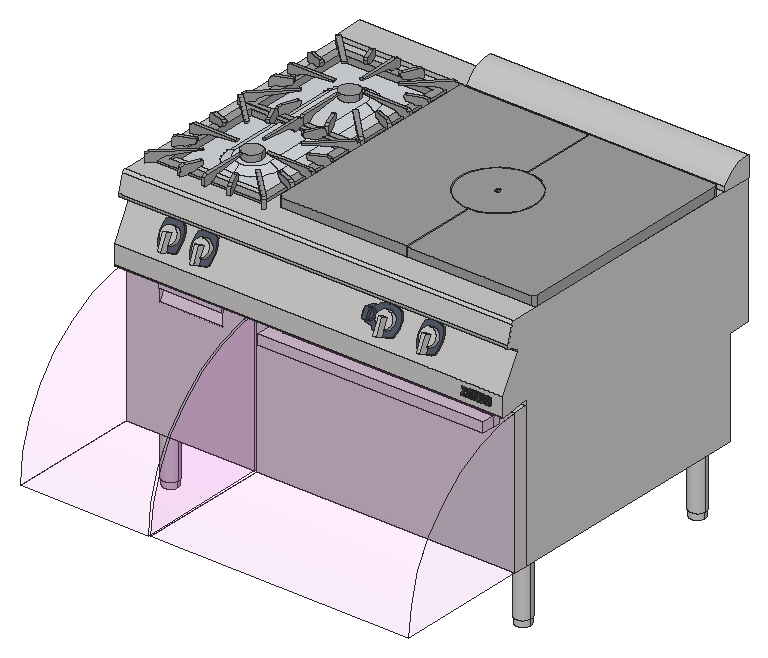
Revit family "QF_ZANUSSI_392265_Z9STGLT01A", category Specialty Equipment, Revit 2018 (continued)
Definition of nested family "371012_BURNER"
  Reference planes
    plane 7 "Center Y": x = 164
    plane 8 "Center X": y = -174
  Forms (mm)
    Extrusion 1, solid
      sketch origin (0, 0, 0) x (1, 0, 0) y (0, 1, 0)
        loop
          line (-3.66, -350.595) -> (331.66, -350.595) -> (331.66, 5.277) -> (-3.66, 5.277) -> (-3.66, -350.595)
        loop
          line (22, -10) -> (22, -324.951) -> (306, -324.951) -> (306, -10) -> (22, -10)
      from -15 to 5
    Extrusion 2, solid
      sketch origin (-232.638, -334.226, 5) x (1, 0, 0) y (0, 1, 0)
        loop
          circle (396.638, 151.294) r 30
      from -5 to 13
    Extrusion 3, solid
      sketch origin (-70.258, 429.575, -850.85) x (0.707107, -0.707107, 0) y (0, 0, 1)
        loop
          arc (366.649, 850.85) -> (375.927, 861.743) -> (389.337, 866.736) r 28.426
          line (389.337, 866.736) -> (478.756, 877.043)
          arc (478.756, 877.043) -> (479.783, 878.312) -> (478.589, 879.425) r 1.197
          line (478.589, 879.425) -> (347.797, 879.425)
          arc (347.797, 879.425) -> (343.211, 875.934) -> (337.583, 874.694) r 13.39
          line (337.583, 874.694) -> (337.583, 850.85) -> (366.649, 850.85)
      from 262.464 to 272.464
    Extrusion 4, solid
      sketch origin (121.618, -425.716, -850.85) x (-0.382683, 0.92388, 0) y (0, 0, 1)
        loop
          arc (64.816, 864.012) -> (68.75, 869.25) -> (69.841, 875.709) r 13.87
          arc (69.841, 875.709) -> (68.577, 878.352) -> (65.851, 879.425) r 4
          line (65.851, 879.425) -> (19.961, 879.425) -> (9.748, 874.663)
          arc (9.748, 874.663) -> (6.705, 862.948) -> (7.056, 850.85) r 42.876
          line (7.056, 850.85) -> (36.589, 850.85)
          arc (36.589, 850.85) -> (50.096, 858.731) -> (64.816, 864.012) r 85.245
      from 127.064 to 137.064
    Extrusion 5, solid
      sketch origin (-361.796, 84.529, -850.85) x (1, 0, 0) y (0, 0, 1)
        loop
          arc (366.649, 850.85) -> (375.927, 861.743) -> (389.337, 866.736) r 28.426
          line (389.337, 866.736) -> (478.756, 877.043)
          arc (478.756, 877.043) -> (479.783, 878.312) -> (478.589, 879.425) r 1.197
          line (478.589, 879.425) -> (347.797, 879.425)
          arc (347.797, 879.425) -> (343.211, 875.934) -> (337.583, 874.694) r 13.39
          line (337.583, 874.694) -> (337.583, 850.85) -> (366.649, 850.85)
      from 262.464 to 272.464
    Extrusion 6, solid
      sketch origin (-448.51, -417.194, -850.85) x (0.707107, 0.707107, 0) y (0, 0, 1)
        loop
          arc (366.649, 850.85) -> (375.927, 861.743) -> (389.337, 866.736) r 28.426
          line (389.337, 866.736) -> (478.756, 877.043)
          arc (478.756, 877.043) -> (479.783, 878.312) -> (478.589, 879.425) r 1.197
          line (478.589, 879.425) -> (347.797, 879.425)
          arc (347.797, 879.425) -> (343.211, 875.934) -> (337.583, 874.694) r 13.39
          line (337.583, 874.694) -> (337.583, 850.85) -> (366.649, 850.85)
      from 262.464 to 272.464
    Extrusion 7, solid
      sketch origin (-103.464, -708.731, -850.85) x (0, 1, 0) y (0, 0, 1)
        loop
          arc (366.649, 850.85) -> (375.927, 861.743) -> (389.337, 866.736) r 28.426
          line (389.337, 866.736) -> (478.756, 877.043)
          arc (478.756, 877.043) -> (479.783, 878.312) -> (478.589, 879.425) r 1.197
          line (478.589, 879.425) -> (347.797, 879.425)
          arc (347.797, 879.425) -> (343.211, 875.934) -> (337.583, 874.694) r 13.39
          line (337.583, 874.694) -> (337.583, 850.85) -> (366.649, 850.85)
      from 262.464 to 272.464
    Extrusion 8, solid
      sketch origin (398.258, -795.445, -850.85) x (-0.707107, 0.707107, 0) y (0, 0, 1)
        loop
          arc (366.649, 850.85) -> (375.927, 861.743) -> (389.337, 866.736) r 28.426
          line (389.337, 866.736) -> (478.756, 877.043)
          arc (478.756, 877.043) -> (479.783, 878.312) -> (478.589, 879.425) r 1.197
          line (478.589, 879.425) -> (347.797, 879.425)
          arc (347.797, 879.425) -> (343.211, 875.934) -> (337.583, 874.694) r 13.39
          line (337.583, 874.694) -> (337.583, 850.85) -> (366.649, 850.85)
      from 262.464 to 272.464
    Extrusion 9, solid
      sketch origin (689.796, -450.4, -850.85) x (-1, 0, 0) y (0, 0, 1)
        loop
          arc (366.649, 850.85) -> (375.927, 861.743) -> (389.337, 866.736) r 28.426
          line (389.337, 866.736) -> (478.756, 877.043)
          arc (478.756, 877.043) -> (479.783, 878.312) -> (478.589, 879.425) r 1.197
          line (478.589, 879.425) -> (347.797, 879.425)
          arc (347.797, 879.425) -> (343.211, 875.934) -> (337.583, 874.694) r 13.39
          line (337.583, 874.694) -> (337.583, 850.85) -> (366.649, 850.85)
      from 262.464 to 272.464
    Extrusion 10, solid
      sketch origin (776.51, 51.323, -850.85) x (-0.707107, -0.707107, 0) y (0, 0, 1)
        loop
          arc (366.649, 850.85) -> (375.927, 861.743) -> (389.337, 866.736) r 28.426
          line (389.337, 866.736) -> (478.756, 877.043)
          arc (478.756, 877.043) -> (479.783, 878.312) -> (478.589, 879.425) r 1.197
          line (478.589, 879.425) -> (347.797, 879.425)
          arc (347.797, 879.425) -> (343.211, 875.934) -> (337.583, 874.694) r 13.39
          line (337.583, 874.694) -> (337.583, 850.85) -> (366.649, 850.85)
      from 262.464 to 272.464
    Extrusion 11, solid
      sketch origin (431.464, 342.86, -850.85) x (0, -1, 0) y (0, 0, 1)
        loop
          arc (366.649, 850.85) -> (375.927, 861.743) -> (389.337, 866.736) r 28.426
          line (389.337, 866.736) -> (478.756, 877.043)
          arc (478.756, 877.043) -> (479.783, 878.312) -> (478.589, 879.425) r 1.197
          line (478.589, 879.425) -> (347.797, 879.425)
          arc (347.797, 879.425) -> (343.211, 875.934) -> (337.583, 874.694) r 13.39
          line (337.583, 874.694) -> (337.583, 850.85) -> (366.649, 850.85)
      from 262.464 to 272.464
    Extrusion 12, solid
      sketch origin (305.704, -384.576, -850.85) x (-0.92388, 0.382683, 0) y (0, 0, 1)
        loop
          arc (64.816, 864.012) -> (68.75, 869.25) -> (69.841, 875.709) r 13.87
          arc (69.841, 875.709) -> (68.577, 878.352) -> (65.851, 879.425) r 4
          line (65.851, 879.425) -> (19.961, 879.425) -> (9.748, 874.663)
          arc (9.748, 874.663) -> (6.705, 862.948) -> (7.056, 850.85) r 42.876
          line (7.056, 850.85) -> (36.589, 850.85)
          arc (36.589, 850.85) -> (50.096, 858.731) -> (64.816, 864.012) r 85.245
      from 127.064 to 137.064
    Extrusion 13, solid
      sketch origin (406.781, -225.317, -850.85) x (-0.92388, -0.382683, 0) y (0, 0, 1)
        loop
          arc (64.816, 864.012) -> (68.75, 869.25) -> (69.841, 875.709) r 13.87
          arc (69.841, 875.709) -> (68.577, 878.352) -> (65.851, 879.425) r 4
          line (65.851, 879.425) -> (19.961, 879.425) -> (9.748, 874.663)
          arc (9.748, 874.663) -> (6.705, 862.948) -> (7.056, 850.85) r 42.876
          line (7.056, 850.85) -> (36.589, 850.85)
          arc (36.589, 850.85) -> (50.096, 858.731) -> (64.816, 864.012) r 85.245
      from 127.064 to 137.064
    Extrusion 14, solid
      sketch origin (365.64, -41.231, -850.85) x (-0.382683, -0.92388, 0) y (0, 0, 1)
        loop
          arc (64.816, 864.012) -> (68.75, 869.25) -> (69.841, 875.709) r 13.87
          arc (69.841, 875.709) -> (68.577, 878.352) -> (65.851, 879.425) r 4
          line (65.851, 879.425) -> (19.961, 879.425) -> (9.748, 874.663)
          arc (9.748, 874.663) -> (6.705, 862.948) -> (7.056, 850.85) r 42.876
          line (7.056, 850.85) -> (36.589, 850.85)
          arc (36.589, 850.85) -> (50.096, 858.731) -> (64.816, 864.012) r 85.245
      from 127.064 to 137.064
    Extrusion 15, solid
      sketch origin (206.382, 59.846, -850.85) x (0.382683, -0.92388, 0) y (0, 0, 1)
        loop
          arc (64.816, 864.012) -> (68.75, 869.25) -> (69.841, 875.709) r 13.87
          arc (69.841, 875.709) -> (68.577, 878.352) -> (65.851, 879.425) r 4
          line (65.851, 879.425) -> (19.961, 879.425) -> (9.748, 874.663)
          arc (9.748, 874.663) -> (6.705, 862.948) -> (7.056, 850.85) r 42.876
          line (7.056, 850.85) -> (36.589, 850.85)
          arc (36.589, 850.85) -> (50.096, 858.731) -> (64.816, 864.012) r 85.245
      from 127.064 to 137.064
    Extrusion 16, solid
      sketch origin (22.296, 18.705, -850.85) x (0.92388, -0.382683, 0) y (0, 0, 1)
        loop
          arc (64.816, 864.012) -> (68.75, 869.25) -> (69.841, 875.709) r 13.87
          arc (69.841, 875.709) -> (68.577, 878.352) -> (65.851, 879.425) r 4
          line (65.851, 879.425) -> (19.961, 879.425) -> (9.748, 874.663)
          arc (9.748, 874.663) -> (6.705, 862.948) -> (7.056, 850.85) r 42.876
          line (7.056, 850.85) -> (36.589, 850.85)
          arc (36.589, 850.85) -> (50.096, 858.731) -> (64.816, 864.012) r 85.245
      from 127.064 to 137.064
    Extrusion 17, solid
      sketch origin (-78.781, -140.554, -850.85) x (0.92388, 0.382683, 0) y (0, 0, 1)
        loop
          arc (64.816, 864.012) -> (68.75, 869.25) -> (69.841, 875.709) r 13.87
          arc (69.841, 875.709) -> (68.577, 878.352) -> (65.851, 879.425) r 4
          line (65.851, 879.425) -> (19.961, 879.425) -> (9.748, 874.663)
          arc (9.748, 874.663) -> (6.705, 862.948) -> (7.056, 850.85) r 42.876
          line (7.056, 850.85) -> (36.589, 850.85)
          arc (36.589, 850.85) -> (50.096, 858.731) -> (64.816, 864.012) r 85.245
      from 127.064 to 137.064
    Extrusion 18, solid
      sketch origin (-37.64, -324.639, -850.85) x (0.382683, 0.92388, 0) y (0, 0, 1)
        loop
          arc (64.816, 864.012) -> (68.75, 869.25) -> (69.841, 875.709) r 13.87
          arc (69.841, 875.709) -> (68.577, 878.352) -> (65.851, 879.425) r 4
          line (65.851, 879.425) -> (19.961, 879.425) -> (9.748, 874.663)
          arc (9.748, 874.663) -> (6.705, 862.948) -> (7.056, 850.85) r 42.876
          line (7.056, 850.85) -> (36.589, 850.85)
          arc (36.589, 850.85) -> (50.096, 858.731) -> (64.816, 864.012) r 85.245
      from 127.064 to 137.064
    Blend 19, solid
      base sketch origin (0, 0, 0) x (1, 0, 0) y (0, 1, 0)
        loop
          arc (168.708, -259.384) -> (221.544, -234.68) -> (243.06, -180.467) r 79.057
          line (243.06, -180.467) -> (243.06, -10) -> (84.932, -10) -> (84.932, -180.453)
          arc (84.932, -180.453) -> (109.781, -238.004) -> (168.708, -259.384) r 79.071
      top sketch origin (0, 0, 0) x (1, 0, 0) y (0, 1, 0)
        loop
          line (112.93, -10) -> (112.93, -180.398)
          arc (112.93, -180.398) -> (127.86, -216.535) -> (163.973, -231.522) r 51.07
          arc (163.973, -231.522) -> (200.102, -216.573) -> (215.07, -180.452) r 51.07
          line (215.07, -180.452) -> (215.07, -10) -> (112.93, -10)
      from -13 to 0
    Extrusion 20, solid
      sketch origin (0, 0, 0) x (1, 0, 0) y (0, 1, 0)
        loop
          line (306, -10) -> (22, -10) -> (22, -324.951) -> (306, -324.951) -> (306, -10)
      from -15 to -13
  Dimensions and locks
    equal spacing: plane 3 "LEFT", plane 7 "Center Y", plane 4 "RIGHT"
    plane 3 "LEFT" to plane 4 "RIGHT" = 328 mm
    equal spacing: plane 5 "FRONT", plane 8 "Center X", plane 1 "BACK"
    plane 5 "FRONT" to plane 1 "BACK" = 348 mm
    aligned and locked: level to plane 2
  Automatic sketch dimensions
    Extrusion 2 sketch curve to Extrusion 1 = 172.932 mm
    Extrusion 2 sketch curve to Extrusion 1 = 142 mm
    Extrusion 3 sketch curve to Extrusion 3 sketch curve = 10.213 mm
    Extrusion 3 sketch curve to Extrusion 3 sketch curve = 29.066 mm
    Extrusion 3 sketch curve to Extrusion 3 sketch curve = 22.688 mm
    Extrusion 3 sketch curve to Extrusion 3 sketch curve = 2.895 mm
    Extrusion 3 sketch curve to Extrusion 3 sketch curve = 89.252 mm
    Extrusion 3 sketch curve to Extrusion 3 sketch curve = 0.167 mm
    Extrusion 3 sketch curve to Extrusion 3 sketch curve = 23.844 mm
    Extrusion 3 sketch curve to Extrusion 3 sketch curve = 1.185 mm
    Extrusion 4 sketch curve to Extrusion 4 sketch curve = 2.692 mm
    Extrusion 4 sketch curve to Extrusion 4 sketch curve = 10.213 mm
    Extrusion 4 sketch curve to Extrusion 4 sketch curve = 29.533 mm
    Extrusion 4 sketch curve to Extrusion 4 sketch curve = 12.72 mm
    Extrusion 4 sketch curve to Extrusion 4 sketch curve = 6.697 mm
    Extrusion 4 sketch curve to Extrusion 4 sketch curve = 9.845 mm
    Extrusion 4 sketch curve to Extrusion 4 sketch curve = 36.813 mm
    Extrusion 4 sketch curve to Extrusion 4 sketch curve = 76.658 mm
    Extrusion 4 sketch curve to Extrusion 4 sketch curve = 4.7 mm
    Extrusion 4 sketch curve to Extrusion 4 sketch curve = 4 mm
    Extrusion 4 sketch curve to Extrusion 4 sketch curve = 1.035 mm
    Extrusion 3 sketch curve to Extrusion 3 sketch curve = 12.392 mm
    Extrusion 3 sketch curve to Extrusion 3 sketch curve = 10.307 mm
    Extrusion 5 sketch curve to Extrusion 5 sketch curve = 10.213 mm
    Extrusion 5 sketch curve to Extrusion 5 sketch curve = 29.066 mm
    Extrusion 5 sketch curve to Extrusion 5 sketch curve = 22.688 mm
    Extrusion 5 sketch curve to Extrusion 5 sketch curve = 2.895 mm
    Extrusion 5 sketch curve to Extrusion 5 sketch curve = 89.252 mm
    Extrusion 5 sketch curve to Extrusion 5 sketch curve = 0.167 mm
    Extrusion 5 sketch curve to Extrusion 5 sketch curve = 23.844 mm
    Extrusion 5 sketch curve to Extrusion 5 sketch curve = 1.185 mm
    Extrusion 5 sketch curve to Extrusion 5 sketch curve = 12.392 mm
    Extrusion 5 sketch curve to Extrusion 5 sketch curve = 10.307 mm
    Extrusion 6 sketch curve to Extrusion 6 sketch curve = 10.213 mm
    Extrusion 6 sketch curve to Extrusion 6 sketch curve = 29.066 mm
    Extrusion 6 sketch curve to Extrusion 6 sketch curve = 22.688 mm
    Extrusion 6 sketch curve to Extrusion 6 sketch curve = 2.895 mm
    Extrusion 6 sketch curve to Extrusion 6 sketch curve = 89.252 mm
    Extrusion 6 sketch curve to Extrusion 6 sketch curve = 0.167 mm
    Extrusion 6 sketch curve to Extrusion 6 sketch curve = 23.844 mm
    Extrusion 6 sketch curve to Extrusion 6 sketch curve = 1.185 mm
    Extrusion 6 sketch curve to Extrusion 6 sketch curve = 12.392 mm
    Extrusion 6 sketch curve to Extrusion 6 sketch curve = 10.307 mm
    Extrusion 7 sketch curve to Extrusion 7 sketch curve = 10.213 mm
    Extrusion 7 sketch curve to Extrusion 7 sketch curve = 29.066 mm
    Extrusion 7 sketch curve to Extrusion 7 sketch curve = 22.688 mm
    Extrusion 7 sketch curve to Extrusion 7 sketch curve = 2.895 mm
    Extrusion 7 sketch curve to Extrusion 7 sketch curve = 89.252 mm
    Extrusion 7 sketch curve to Extrusion 7 sketch curve = 0.167 mm
    Extrusion 7 sketch curve to Extrusion 7 sketch curve = 23.844 mm
    Extrusion 7 sketch curve to Extrusion 7 sketch curve = 1.185 mm
    Extrusion 7 sketch curve to Extrusion 7 sketch curve = 12.392 mm
    Extrusion 7 sketch curve to Extrusion 7 sketch curve = 10.307 mm
    Extrusion 8 sketch curve to Extrusion 8 sketch curve = 10.213 mm
    Extrusion 8 sketch curve to Extrusion 8 sketch curve = 29.066 mm
    Extrusion 8 sketch curve to Extrusion 8 sketch curve = 22.688 mm
    Extrusion 8 sketch curve to Extrusion 8 sketch curve = 2.895 mm
    Extrusion 8 sketch curve to Extrusion 8 sketch curve = 89.252 mm
    Extrusion 8 sketch curve to Extrusion 8 sketch curve = 0.167 mm
    Extrusion 8 sketch curve to Extrusion 8 sketch curve = 23.844 mm
    Extrusion 8 sketch curve to Extrusion 8 sketch curve = 1.185 mm
    Extrusion 8 sketch curve to Extrusion 8 sketch curve = 12.392 mm
    Extrusion 8 sketch curve to Extrusion 8 sketch curve = 10.307 mm
    Extrusion 9 sketch curve to Extrusion 9 sketch curve = 10.213 mm
    Extrusion 9 sketch curve to Extrusion 9 sketch curve = 29.066 mm
    Extrusion 9 sketch curve to Extrusion 9 sketch curve = 22.688 mm
    Extrusion 9 sketch curve to Extrusion 9 sketch curve = 2.895 mm
    Extrusion 9 sketch curve to Extrusion 9 sketch curve = 89.252 mm
    Extrusion 9 sketch curve to Extrusion 9 sketch curve = 0.167 mm
    Extrusion 9 sketch curve to Extrusion 9 sketch curve = 23.844 mm
    Extrusion 9 sketch curve to Extrusion 9 sketch curve = 1.185 mm
    Extrusion 9 sketch curve to Extrusion 9 sketch curve = 12.392 mm
    Extrusion 9 sketch curve to Extrusion 9 sketch curve = 10.307 mm
    Extrusion 10 sketch curve to Extrusion 10 sketch curve = 10.213 mm
    Extrusion 10 sketch curve to Extrusion 10 sketch curve = 29.066 mm
    Extrusion 10 sketch curve to Extrusion 10 sketch curve = 22.688 mm
    Extrusion 10 sketch curve to Extrusion 10 sketch curve = 2.895 mm
    Extrusion 10 sketch curve to Extrusion 10 sketch curve = 89.252 mm
    Extrusion 10 sketch curve to Extrusion 10 sketch curve = 0.167 mm
    Extrusion 10 sketch curve to Extrusion 10 sketch curve = 23.844 mm
    Extrusion 10 sketch curve to Extrusion 10 sketch curve = 1.185 mm
    Extrusion 10 sketch curve to Extrusion 10 sketch curve = 12.392 mm
    Extrusion 10 sketch curve to Extrusion 10 sketch curve = 10.307 mm
    Extrusion 11 sketch curve to Extrusion 11 sketch curve = 10.213 mm
    Extrusion 11 sketch curve to Extrusion 11 sketch curve = 29.066 mm
    Extrusion 11 sketch curve to Extrusion 11 sketch curve = 22.688 mm
    Extrusion 11 sketch curve to Extrusion 11 sketch curve = 2.895 mm
    Extrusion 11 sketch curve to Extrusion 11 sketch curve = 89.252 mm
    Extrusion 11 sketch curve to Extrusion 11 sketch curve = 0.167 mm
    Extrusion 11 sketch curve to Extrusion 11 sketch curve = 23.844 mm
    Extrusion 11 sketch curve to Extrusion 11 sketch curve = 1.185 mm
    Extrusion 11 sketch curve to Extrusion 11 sketch curve = 12.392 mm
    Extrusion 11 sketch curve to Extrusion 11 sketch curve = 10.307 mm
    Extrusion 4 sketch curve to Extrusion 4 sketch curve = 7.281 mm
    Extrusion 4 sketch curve to Extrusion 4 sketch curve = 10.713 mm
    Extrusion 12 sketch curve to Extrusion 12 sketch curve = 2.692 mm
    Extrusion 12 sketch curve to Extrusion 12 sketch curve = 10.213 mm
    Extrusion 12 sketch curve to Extrusion 12 sketch curve = 29.533 mm
    Extrusion 12 sketch curve to Extrusion 12 sketch curve = 12.72 mm
    Extrusion 12 sketch curve to Extrusion 12 sketch curve = 6.697 mm
    Extrusion 12 sketch curve to Extrusion 12 sketch curve = 9.845 mm
    Extrusion 12 sketch curve to Extrusion 12 sketch curve = 36.813 mm
    Extrusion 12 sketch curve to Extrusion 12 sketch curve = 76.658 mm
    Extrusion 12 sketch curve to Extrusion 12 sketch curve = 4.7 mm
    Extrusion 12 sketch curve to Extrusion 12 sketch curve = 4 mm
    Extrusion 12 sketch curve to Extrusion 12 sketch curve = 1.035 mm
    Extrusion 12 sketch curve to Extrusion 12 sketch curve = 7.281 mm
    Extrusion 12 sketch curve to Extrusion 12 sketch curve = 10.713 mm
    Extrusion 13 sketch curve to Extrusion 13 sketch curve = 2.692 mm
    Extrusion 13 sketch curve to Extrusion 13 sketch curve = 10.213 mm
    Extrusion 13 sketch curve to Extrusion 13 sketch curve = 29.533 mm
    Extrusion 13 sketch curve to Extrusion 13 sketch curve = 12.72 mm
    Extrusion 13 sketch curve to Extrusion 13 sketch curve = 6.697 mm
    Extrusion 13 sketch curve to Extrusion 13 sketch curve = 9.845 mm
    Extrusion 13 sketch curve to Extrusion 13 sketch curve = 36.813 mm
    Extrusion 13 sketch curve to Extrusion 13 sketch curve = 76.658 mm
    Extrusion 13 sketch curve to Extrusion 13 sketch curve = 4.7 mm
    Extrusion 13 sketch curve to Extrusion 13 sketch curve = 4 mm
    Extrusion 13 sketch curve to Extrusion 13 sketch curve = 1.035 mm
    Extrusion 13 sketch curve to Extrusion 13 sketch curve = 7.281 mm
    Extrusion 13 sketch curve to Extrusion 13 sketch curve = 10.713 mm
    Extrusion 14 sketch curve to Extrusion 14 sketch curve = 2.692 mm
    Extrusion 14 sketch curve to Extrusion 14 sketch curve = 10.213 mm
    Extrusion 14 sketch curve to Extrusion 14 sketch curve = 29.533 mm
    Extrusion 14 sketch curve to Extrusion 14 sketch curve = 12.72 mm
    Extrusion 14 sketch curve to Extrusion 14 sketch curve = 6.697 mm
    Extrusion 14 sketch curve to Extrusion 14 sketch curve = 9.845 mm
    Extrusion 14 sketch curve to Extrusion 14 sketch curve = 36.813 mm
    Extrusion 14 sketch curve to Extrusion 14 sketch curve = 76.658 mm
    Extrusion 14 sketch curve to Extrusion 14 sketch curve = 4.7 mm
    Extrusion 14 sketch curve to Extrusion 14 sketch curve = 4 mm
    Extrusion 14 sketch curve to Extrusion 14 sketch curve = 1.035 mm
    Extrusion 14 sketch curve to Extrusion 14 sketch curve = 7.281 mm
    Extrusion 14 sketch curve to Extrusion 14 sketch curve = 10.713 mm
    Extrusion 15 sketch curve to Extrusion 15 sketch curve = 2.692 mm
    Extrusion 15 sketch curve to Extrusion 15 sketch curve = 10.213 mm
    Extrusion 15 sketch curve to Extrusion 15 sketch curve = 29.533 mm
    Extrusion 15 sketch curve to Extrusion 15 sketch curve = 12.72 mm
    Extrusion 15 sketch curve to Extrusion 15 sketch curve = 6.697 mm
    Extrusion 15 sketch curve to Extrusion 15 sketch curve = 9.845 mm
    Extrusion 15 sketch curve to Extrusion 15 sketch curve = 36.813 mm
    Extrusion 15 sketch curve to Extrusion 15 sketch curve = 76.658 mm
    Extrusion 15 sketch curve to Extrusion 15 sketch curve = 4.7 mm
    Extrusion 15 sketch curve to Extrusion 15 sketch curve = 4 mm
    Extrusion 15 sketch curve to Extrusion 15 sketch curve = 1.035 mm
    Extrusion 15 sketch curve to Extrusion 15 sketch curve = 7.281 mm
    Extrusion 15 sketch curve to Extrusion 15 sketch curve = 10.713 mm
    Extrusion 16 sketch curve to Extrusion 16 sketch curve = 2.692 mm
    Extrusion 16 sketch curve to Extrusion 16 sketch curve = 10.213 mm
    Extrusion 16 sketch curve to Extrusion 16 sketch curve = 29.533 mm
    Extrusion 16 sketch curve to Extrusion 16 sketch curve = 12.72 mm
    Extrusion 16 sketch curve to Extrusion 16 sketch curve = 6.697 mm
    Extrusion 16 sketch curve to Extrusion 16 sketch curve = 9.845 mm
    Extrusion 16 sketch curve to Extrusion 16 sketch curve = 36.813 mm
    Extrusion 16 sketch curve to Extrusion 16 sketch curve = 76.658 mm
    Extrusion 16 sketch curve to Extrusion 16 sketch curve = 4.7 mm
    Extrusion 16 sketch curve to Extrusion 16 sketch curve = 4 mm
    Extrusion 16 sketch curve to Extrusion 16 sketch curve = 1.035 mm
    Extrusion 16 sketch curve to Extrusion 16 sketch curve = 7.281 mm
    Extrusion 16 sketch curve to Extrusion 16 sketch curve = 10.713 mm
    Extrusion 17 sketch curve to Extrusion 17 sketch curve = 2.692 mm
    Extrusion 17 sketch curve to Extrusion 17 sketch curve = 10.213 mm
    Extrusion 17 sketch curve to Extrusion 17 sketch curve = 29.533 mm
    Extrusion 17 sketch curve to Extrusion 17 sketch curve = 12.72 mm
    Extrusion 17 sketch curve to Extrusion 17 sketch curve = 6.697 mm
    Extrusion 17 sketch curve to Extrusion 17 sketch curve = 9.845 mm
    Extrusion 17 sketch curve to Extrusion 17 sketch curve = 36.813 mm
    Extrusion 17 sketch curve to Extrusion 17 sketch curve = 76.658 mm
    Extrusion 17 sketch curve to Extrusion 17 sketch curve = 4.7 mm
    Extrusion 17 sketch curve to Extrusion 17 sketch curve = 4 mm
    Extrusion 17 sketch curve to Extrusion 17 sketch curve = 1.035 mm
    Extrusion 17 sketch curve to Extrusion 17 sketch curve = 7.281 mm
    Extrusion 17 sketch curve to Extrusion 17 sketch curve = 10.713 mm
    Extrusion 18 sketch curve to Extrusion 18 sketch curve = 2.692 mm
    Extrusion 18 sketch curve to Extrusion 18 sketch curve = 10.213 mm
    Extrusion 18 sketch curve to Extrusion 18 sketch curve = 29.533 mm
    Extrusion 18 sketch curve to Extrusion 18 sketch curve = 12.72 mm
    Extrusion 18 sketch curve to Extrusion 18 sketch curve = 6.697 mm
    Extrusion 18 sketch curve to Extrusion 18 sketch curve = 9.845 mm
    Extrusion 18 sketch curve to Extrusion 18 sketch curve = 36.813 mm
    Extrusion 18 sketch curve to Extrusion 18 sketch curve = 76.658 mm
    Extrusion 18 sketch curve to Extrusion 18 sketch curve = 4.7 mm
    Extrusion 18 sketch curve to Extrusion 18 sketch curve = 4 mm
    Extrusion 18 sketch curve to Extrusion 18 sketch curve = 1.035 mm
    Extrusion 18 sketch curve to Extrusion 18 sketch curve = 7.281 mm
    Extrusion 18 sketch curve to Extrusion 18 sketch curve = 10.713 mm
    Extrusion 3 sketch curve to plane 6 "TOP" = 1362.406 mm
    Extrusion 4 sketch curve to plane 6 "TOP" = 1362.406 mm
    Extrusion 5 sketch curve to plane 3 "LEFT" = 24.212 mm
    Extrusion 5 sketch curve to plane 6 "TOP" = 1374.797 mm
    Extrusion 6 sketch curve to plane 6 "TOP" = 1362.406 mm
    plane 5 "FRONT" to Extrusion 7 sketch curve = 23.148 mm
    Extrusion 7 sketch curve to plane 6 "TOP" = 1374.797 mm
    Extrusion 8 sketch curve to plane 6 "TOP" = 1362.406 mm
    plane 4 "RIGHT" to Extrusion 9 sketch curve = 24.212 mm
    Extrusion 9 sketch curve to plane 6 "TOP" = 1374.797 mm
    Extrusion 10 sketch curve to plane 6 "TOP" = 1362.406 mm
    Extrusion 11 sketch curve to plane 1 "BACK" = 5.277 mm
    Extrusion 11 sketch curve to plane 6 "TOP" = 1374.797 mm
    Extrusion 12 sketch curve to plane 6 "TOP" = 1362.406 mm
    Extrusion 13 sketch curve to plane 6 "TOP" = 1362.406 mm
    Extrusion 14 sketch curve to plane 6 "TOP" = 1362.406 mm
    Extrusion 15 sketch curve to plane 6 "TOP" = 1362.406 mm
    Extrusion 16 sketch curve to plane 6 "TOP" = 1362.406 mm
    Extrusion 17 sketch curve to plane 6 "TOP" = 1362.406 mm
    Extrusion 18 sketch curve to plane 6 "TOP" = 1362.406 mm
    Blend 19 sketch curve to Blend 19 sketch curve = 0 mm  (x3)
    Blend 19 sketch curve to Blend 19 sketch curve = 0.015 mm
    plane 7 "Center Y" to Blend 19 sketch curve = 0.004 mm
    plane 1 "BACK" to Blend 19 sketch curve = 10 mm  (x2)
    Blend 19 sketch curve to plane 7 "Center Y" = 79.068 mm
    plane 7 "Center Y" to Blend 19 sketch curve = 4.708 mm
    Blend 19 sketch curve to plane 8 "Center X" = 6.467 mm
    Blend 19 sketch curve to plane 7 "Center Y" = 0 mm
    plane 7 "Center Y" to Blend 19 sketch curve = 51.07 mm
    Blend 19 sketch curve to plane 8 "Center X" = 6.452 mm
    Blend 19 sketch curve to plane 8 "Center X" = 6.398 mm
    Blend 19 sketch curve to plane 7 "Center Y" = 0.027 mm
    Extrusion 20 sketch curve to plane 4 "RIGHT" = 22 mm
    Extrusion 20 sketch curve to plane 5 "FRONT" = 23.049 mm
    plane 3 "LEFT" to Extrusion 20 sketch curve = 22 mm
    plane 1 "BACK" to Extrusion 20 sketch curve = 10 mm
    Extrusion 1 sketch curve to plane 3 "LEFT" = 3.66 mm
    plane 3 "LEFT" to Extrusion 1 sketch curve = 22 mm
    Extrusion 1 sketch curve to plane 4 "RIGHT" = 22 mm
    plane 4 "RIGHT" to Extrusion 1 sketch curve = 3.66 mm
    plane 5 "FRONT" to Extrusion 1 sketch curve = 2.595 mm
    Extrusion 1 sketch curve to plane 5 "FRONT" = 23.049 mm
    plane 1 "BACK" to Extrusion 1 sketch curve = 10 mm
    Extrusion 1 sketch curve to plane 1 "BACK" = 5.277 mm
    radius of Extrusion 2 sketch curve = 30 mm
Definition of nested family "ZAN_Logo_S"
  Parameters (values of type "ZAN_Logo_S")
    materiale [instance] = none
    Default Elevation = 0 mm
  Reference planes
    plane 1 "Centro (Fronte/Retro)": y = 0
    plane 2: z = 0
    plane 3 "Centro (Sinistra/Destra)": x = 0
    plane 4: x = 60.13
  Forms (mm)
    Extrusion 1, solid
      sketch origin (0, 0, 0) x (1, 0, 0) y (0, 1, 0)
        loop
          line (-1219.2, 1219.2) -> (-1219.2, -1219.2) -> (1219.2, -1219.2) -> (1219.2, 1219.2) -> (-1219.2, 1219.2)
      from 0 to -304.8
    Extrusion 2, solid, material <- "materiale"
      sketch origin (17.793, -46.218, 0) x (-1, 0, 0) y (0, -1, 0)
        loop
          spline (-4.176, -58.079) -> (-3.496, -58.328) -> (-2.793, -58.512) -> (-2.075, -58.63) -> (-1.348, -58.682) -> (-0.619, -58.669) -> (0.106, -58.588) -> (0.818, -58.44) -> (1.512, -58.225) -> (2.18, -57.941) -> (2.817, -57.589) -> (3.414, -57.167) -> (3.966, -56.676)
          spline (3.966, -56.676) -> (4.293, -56.162) -> (4.575, -55.61) -> (4.81, -55.026) -> (5, -54.419) -> (5.146, -53.797) -> (5.247, -53.166) -> (5.304, -52.536) -> (5.318, -51.913) -> (5.288, -51.306) -> (5.217, -50.723) -> (5.103, -50.17) -> (4.949, -49.657)
          line (4.949, -49.657) -> (2.702, -46.428) -> (0.316, -44.323)
          spline (0.316, -44.323) -> (0.065, -44.115) -> (-0.195, -43.909) -> (-0.46, -43.704) -> (-0.729, -43.496) -> (-0.997, -43.282) -> (-1.263, -43.059) -> (-1.523, -42.825) -> (-1.774, -42.576) -> (-2.013, -42.309) -> (-2.238, -42.022) -> (-2.445, -41.712) -> (-2.632, -41.375)
          spline (-2.632, -41.375) -> (-2.666, -41.159) -> (-2.697, -40.934) -> (-2.722, -40.701) -> (-2.736, -40.465) -> (-2.736, -40.227) -> (-2.72, -39.989) -> (-2.682, -39.754) -> (-2.621, -39.524) -> (-2.533, -39.302) -> (-2.414, -39.091) -> (-2.261, -38.892) -> (-2.07, -38.708)
          line (-2.07, -38.708) -> (-0.245, -38.567)
          spline (-0.245, -38.567) -> (0.096, -38.8) -> (0.354, -39.074) -> (0.54, -39.381) -> (0.664, -39.716) -> (0.738, -40.073) -> (0.772, -40.445) -> (0.777, -40.825) -> (0.763, -41.208) -> (0.742, -41.588) -> (0.723, -41.957) -> (0.718, -42.309) -> (0.737, -42.638)
          line (0.737, -42.638) -> (5.65, -42.638)
          spline (5.65, -42.638) -> (5.708, -42.042) -> (5.741, -41.448) -> (5.747, -40.857) -> (5.723, -40.273) -> (5.668, -39.696) -> (5.58, -39.129) -> (5.457, -38.574) -> (5.297, -38.032) -> (5.098, -37.506) -> (4.857, -36.997) -> (4.574, -36.508) -> (4.247, -36.041)
          spline (4.247, -36.041) -> (3.844, -35.675) -> (3.409, -35.35) -> (2.946, -35.065) -> (2.458, -34.819) -> (1.949, -34.612) -> (1.421, -34.444) -> (0.88, -34.314) -> (0.326, -34.221) -> (-0.234, -34.165) -> (-0.8, -34.146) -> (-1.366, -34.163) -> (-1.93, -34.216)
          spline (-1.93, -34.216) -> (-2.526, -34.309) -> (-3.116, -34.448) -> (-3.695, -34.633) -> (-4.259, -34.861) -> (-4.801, -35.131) -> (-5.316, -35.444) -> (-5.799, -35.798) -> (-6.245, -36.191) -> (-6.648, -36.624) -> (-7.002, -37.095) -> (-7.303, -37.603) -> (-7.545, -38.146)
          spline (-7.545, -38.146) -> (-7.694, -38.815) -> (-7.792, -39.487) -> (-7.839, -40.158) -> (-7.836, -40.824) -> (-7.785, -41.482) -> (-7.685, -42.129) -> (-7.539, -42.762) -> (-7.347, -43.377) -> (-7.111, -43.97) -> (-6.83, -44.538) -> (-6.506, -45.078) -> (-6.141, -45.586)
          line (-6.141, -45.586) -> (-0.526, -50.64) -> (0.176, -51.482)
          spline (0.176, -51.482) -> (0.248, -51.66) -> (0.323, -51.843) -> (0.397, -52.03) -> (0.467, -52.22) -> (0.529, -52.412) -> (0.579, -52.605) -> (0.615, -52.798) -> (0.633, -52.989) -> (0.63, -53.179) -> (0.601, -53.366) -> (0.545, -53.55) -> (0.456, -53.728)
          spline (0.456, -53.728) -> (0.375, -53.892) -> (0.273, -54.034) -> (0.154, -54.155) -> (0.02, -54.258) -> (-0.126, -54.343) -> (-0.28, -54.412) -> (-0.441, -54.466) -> (-0.604, -54.508) -> (-0.767, -54.537) -> (-0.928, -54.556) -> (-1.082, -54.567) -> (-1.228, -54.57)
          line (-1.228, -54.57) -> (-2.632, -53.587) -> (-2.772, -50.64) -> (-7.405, -50.64)
          spline (-7.405, -50.64) -> (-7.41, -51.031) -> (-7.423, -51.432) -> (-7.44, -51.839) -> (-7.456, -52.251) -> (-7.469, -52.665) -> (-7.475, -53.079) -> (-7.468, -53.489) -> (-7.446, -53.894) -> (-7.404, -54.291) -> (-7.339, -54.679) -> (-7.247, -55.053) -> (-7.123, -55.412)
          spline (-7.123, -55.412) -> (-6.999, -55.693) -> (-6.837, -55.97) -> (-6.643, -56.244) -> (-6.422, -56.509) -> (-6.177, -56.765) -> (-5.913, -57.009) -> (-5.634, -57.238) -> (-5.346, -57.45) -> (-5.051, -57.643) -> (-4.755, -57.814) -> (-4.462, -57.96) -> (-4.176, -58.079)
        loop
          spline (-21.021, -55.552) -> (-20.633, -56.181) -> (-20.177, -56.736) -> (-19.661, -57.217) -> (-19.092, -57.627) -> (-18.478, -57.966) -> (-17.827, -58.237) -> (-17.147, -58.441) -> (-16.446, -58.578) -> (-15.73, -58.652) -> (-15.009, -58.662) -> (-14.29, -58.611) -> (-13.581, -58.5)
          spline (-13.581, -58.5) -> (-13.088, -58.407) -> (-12.595, -58.269) -> (-12.109, -58.088) -> (-11.636, -57.866) -> (-11.183, -57.605) -> (-10.756, -57.307) -> (-10.361, -56.974) -> (-10.004, -56.608) -> (-9.692, -56.211) -> (-9.431, -55.784) -> (-9.228, -55.33) -> (-9.089, -54.851)
          spline (-9.089, -54.851) -> (-8.873, -54.211) -> (-8.715, -53.559) -> (-8.615, -52.901) -> (-8.574, -52.241) -> (-8.592, -51.585) -> (-8.668, -50.938) -> (-8.802, -50.306) -> (-8.995, -49.693) -> (-9.247, -49.106) -> (-9.557, -48.55) -> (-9.925, -48.03) -> (-10.352, -47.551)
          line (-10.352, -47.551) -> (-15.546, -42.919) -> (-16.669, -41.234)
          spline (-16.669, -41.234) -> (-16.704, -41.021) -> (-16.735, -40.804) -> (-16.761, -40.583) -> (-16.778, -40.361) -> (-16.784, -40.139) -> (-16.774, -39.919) -> (-16.748, -39.701) -> (-16.7, -39.488) -> (-16.63, -39.28) -> (-16.533, -39.08) -> (-16.406, -38.889) -> (-16.248, -38.708)
          line (-16.248, -38.708) -> (-14.844, -38.427)
          spline (-14.844, -38.427) -> (-14.347, -38.545) -> (-13.969, -38.749) -> (-13.695, -39.028) -> (-13.508, -39.368) -> (-13.393, -39.757) -> (-13.335, -40.182) -> (-13.318, -40.63) -> (-13.326, -41.089) -> (-13.344, -41.546) -> (-13.356, -41.988) -> (-13.347, -42.403) -> (-13.3, -42.779)
          line (-13.3, -42.779) -> (-8.387, -42.638)
          spline (-8.387, -42.638) -> (-8.326, -42.034) -> (-8.288, -41.417) -> (-8.277, -40.794) -> (-8.299, -40.169) -> (-8.357, -39.548) -> (-8.457, -38.936) -> (-8.604, -38.339) -> (-8.803, -37.762) -> (-9.058, -37.21) -> (-9.375, -36.689) -> (-9.758, -36.204) -> (-10.212, -35.76)
          spline (-10.212, -35.76) -> (-10.793, -35.336) -> (-11.409, -34.976) -> (-12.054, -34.679) -> (-12.723, -34.445) -> (-13.409, -34.273) -> (-14.107, -34.163) -> (-14.811, -34.115) -> (-15.515, -34.127) -> (-16.213, -34.2) -> (-16.899, -34.333) -> (-17.568, -34.526) -> (-18.213, -34.777)
          spline (-18.213, -34.777) -> (-18.496, -34.897) -> (-18.783, -35.044) -> (-19.071, -35.216) -> (-19.357, -35.412) -> (-19.639, -35.629) -> (-19.915, -35.865) -> (-20.182, -36.119) -> (-20.438, -36.389) -> (-20.681, -36.672) -> (-20.907, -36.967) -> (-21.115, -37.272) -> (-21.301, -37.585)
          spline (-21.301, -37.585) -> (-21.55, -38.26) -> (-21.734, -38.948) -> (-21.854, -39.647) -> (-21.91, -40.351) -> (-21.901, -41.057) -> (-21.828, -41.761) -> (-21.69, -42.459) -> (-21.489, -43.148) -> (-21.222, -43.823) -> (-20.892, -44.48) -> (-20.497, -45.116) -> (-20.038, -45.726)
          line (-20.038, -45.726) -> (-14.142, -51.061) -> (-13.44, -52.886) -> (-14.002, -54.289) -> (-15.265, -54.57) -> (-16.669, -53.587) -> (-16.81, -50.78) -> (-21.582, -50.64)
          spline (-21.582, -50.64) -> (-21.558, -51.063) -> (-21.55, -51.491) -> (-21.554, -51.92) -> (-21.561, -52.35) -> (-21.567, -52.778) -> (-21.565, -53.201) -> (-21.547, -53.619) -> (-21.509, -54.029) -> (-21.444, -54.43) -> (-21.345, -54.818) -> (-21.206, -55.193) -> (-21.021, -55.552)
        loop
          line (-22.424, -34.216) -> (-27.337, -34.216) -> (-27.337, -58.22) -> (-22.424, -58.22) -> (-22.424, -34.216)
        loop
          line (14.213, -39.971) -> (14.213, -58.22) -> (19.126, -58.22) -> (19.126, -42.077) -> (18.845, -38.146) -> (18.424, -37.164) -> (17.442, -35.9) -> (16.459, -35.199) -> (14.494, -34.356) -> (13.511, -34.216) -> (11.265, -34.216) -> (10.142, -34.497) -> (8.458, -35.479) -> (6.493, -38.287) -> (6.352, -39.269) -> (6.352, -58.22) -> (11.265, -58.22) -> (11.265, -40.392) -> (11.827, -39.129) -> (13.371, -38.988) -> (14.213, -39.971)
        loop
          line (20.249, -58.22) -> (24.741, -58.22) -> (24.741, -42.919) -> (28.812, -58.22) -> (34.006, -58.22) -> (34.006, -34.216) -> (29.654, -34.216) -> (29.654, -50.078) -> (25.583, -34.216) -> (20.249, -34.216) -> (20.249, -58.22)
        loop
          line (50.149, -58.22) -> (62.361, -58.22) -> (62.361, -53.728) -> (55.904, -53.868) -> (62.923, -39.129) -> (62.923, -34.216) -> (50.149, -34.216) -> (50.149, -39.129) -> (57.517, -39.129) -> (50.149, -54.149) -> (50.149, -58.22)
        loop
          line (38.778, -58.22) -> (45.516, -58.22) -> (49.868, -34.216) -> (44.814, -34.216) -> (44.113, -38.848) -> (40.042, -38.848) -> (39.34, -34.216) -> (34.286, -34.216) -> (38.778, -58.22)
        loop
          line (43.551, -43.2) -> (40.744, -43.2) -> (42.147, -54.117) -> (43.551, -43.2)
      from 0 to 1.644
  Dimensions and locks
    aligned and locked: plane 2 to Extrusion 1
    aligned and locked: level to Extrusion 1
Types (2, lengths in mm): name | URL | Manufacturer | Model | Gas Size | Description
  (no name) | 0 | 0 | 0 | 0 | 0
  Standard | "http://www.zanussiprofessional.com" | "Zanussi" | "Z9STGLT01A" | 12.7 | "GAS SOLID TOP+2 BURN+OVEN+CUPB.1200(AGA)"
